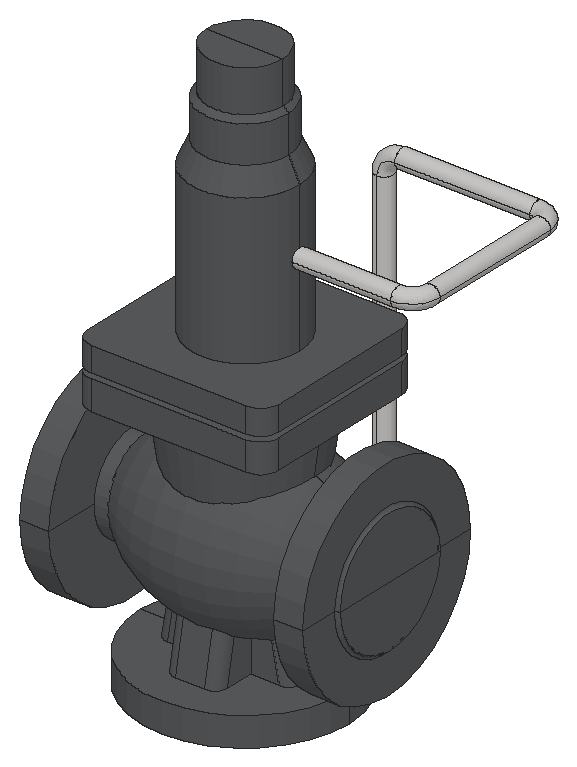
Revit family "VFG33_DN25-125_PN16_RFA_2", category Pipe Accessories, Revit 2019
Family settings
  Round Connector Dimension = Use Diameter
  Part Type = Valve - Breaks Into
  OmniClass Number = 23.75.65.14.14.17
  OmniClass Title = Flow Controls
  Work Plane-Based = No
  Always vertical = Yes
  Cut with Voids When Loaded = No
  Shared = No
Parameters (values of type "VFG33_DN25_PN16_065B2598")
  y2 = 60 mm
  y1 = 68.1 mm
  xtt200 = 75 mm
  xtb200 = 51 mm
  xt3 = 75 mm
  xt2 = 50 mm
  xt1 = 30 mm
  xs3 = xs2 / 2  # 52.5 mm
  xs2 = 105 mm
  xs1 = 105 mm
  xb2 = 85 mm
  xb1 = 65 mm
  r2 = 8 mm
  r1 = 12 mm
  r0 = 10 mm
  btx = 41.3 mm
  bh = 6.6 mm
  bbx = 49.2 mm
  a1 = L2 / 2  # 80 mm
  _tfr = 5 mm
  _tf4 = 11.5 mm
  _tf3 = 95.9 mm
  _tf2 = 94.4 mm
  _tf1 = 142.5 mm
  W [instance] = 158.4 mm
  URL = "https://store.danfoss.com/en/Climate-Solutions-for-heating/Motorised-Control-Valves-/Globe-Valves/Valves-for-District-Heating-and-District-Cooling/c/4104?q=%3Arelevance%3Adanfoss_producttypehierarchydesc%3A7368d77c411ee812a094239296e2d33941f6012b&text="
  Rz1 = 200 mm
  Ry2 = 20 mm
  Ry1 = 10 mm
  Rw2 = 33.068 mm
  Rw1 = 42.5 mm
  R42 [instance] = 6 mm
  R41 = 3.045 mm
  R4 = 20.955 mm
  R3 = 30 mm
  R2 = 27 mm
  R1P = 32 mm
  R1 = 80 mm
  L2 = L1 + (Flange_t1 + Flange_t2) * 2  # 160 mm
  L1 = 124 mm
  L [instance] = 160 mm
  H7 = 64 mm
  H6 = 141 mm
  H53 = 12.9 mm
  H52 = 20.4 mm
  H51 = 3.045 mm
  H5 = 118 mm
  H4 = 16 mm
  H3 = 13.5 mm
  H2 = 96.5 mm
  H1 = 62 mm
  H [instance] = 317.5 mm
  Flange_t2 = 2 mm
  Flange_t1 = 16 mm
  Flange_l2 = 36 mm
  Flange_l1 = 57.5 mm
  Description = "Motorized Control Valve"  # constant formula
  Weight = 10.50 kg
  Valve Body Material = Danfoss Ductile Iron
  Pressure Drop [instance] = 0.0 Pa
  Nominal Pressure = "PN 16"  # constant formula
  Model Type = "VFG33_DN25_PN16"
  Model = "065B2598"
  Min Medium Temperature = "2 °C"  # constant formula
  Max Medium Temperature = "150 °C"  # constant formula
  Max Differential Pressure = "16 bar"
  Manufacturer = "Danfoss"  # constant formula
  LOD 350 = not(LOD 200)  # yes
  LOD 200 = no
  Kvs = 8.0 m³/h
  IfcExportType = "VFG33"  # constant formula
  IfcExportAs = "IfcValveType"  # constant formula
  Flow [instance] = 0.0 m³/h
  DIStop = 38 mm
  D = 25 mm
  Connection = "Flange"  # constant formula
  ANtop = 30.00°
  65-125(350) [instance] = and([65-125], LOD 350)  # no
  65-125 = not([25-50])  # no
  25-80(350) [instance] = and([25-80], LOD 350)  # yes
  25-80(200) [instance] = and([25-80], LOD 200)  # no
  25-80 = yes
  25-50(350) [instance] = and([25-50], LOD 350)  # yes
  25-50 = yes
  100-125(350) [instance] = and([100-125], LOD 350)  # no
  100-125(200) [instance] = and([100-125], LOD 200)  # no
  100-125 = not([25-80])  # no
Types (8, lengths in mm): name | y2 | y1 | xtt200 | xtb200 | xt3 | xt2 | xt1 | xs3 | xs2 | xs1 | xb2 | xb1 | btx | bh | bbx | a1 | _tf4 | _tf3 | _tf2 | _tf1 | W | Rz1 | Rw2 | Rw1 | R42 | R3 | R2 | R1P | R1 | L2 | L1 | L | H7 | H6 | H53 | H52 | H5 | H4 | H3 | H2 | H1 | H | Flange_t2 | Flange_t1 | Flange_l2 | Flange_l1 | Weight | Model Type | Model | Max Differential Pressure | Kvs | DIStop | D | 65-125(350) | 65-125 | 25-80(350) | 25-80 | 25-50(350) | 25-50 | 100-125(350) | 100-125
  VFG33_DN25_PN16_065B2598 | 60 | 68.1 | 75 | 51 | 75 | 50 | 30 | 52.5 | 105 | 105 | 85 | 65 | 41.3 | 6.6 | 49.2 | 80 | 11.5 | 95.9 | 94.4 | 142.5 | 158.4 | 200 | 33.068 | 42.5 | 6 | 30 | 27 | 32 | 80 | 160 | 124 | 160 | 64 | 141 | 12.9 | 20.4 | 118 | 16 | 13.5 | 96.5 | 62 | 317.5 | 2 | 16 | 36 | 57.5 | 10.50 kg | "VFG33_DN25_PN16" | "065B2598" | "16 bar" | 8.0 m³/h | 38 | 25 | no | no | yes | yes | yes | yes | no | no
  VFG33_DN125_PN16_065B2605 | 111 | 85 | 170 | 222 | 75 | 50 | 30 | 53.5 | 107 | 150.584 | 64.215 | 78.215 | 97.1 | 16.5 | 116.8 | 200 | 77 | 149.9 | 146.3 | 222.5 | 289.9 | 125 | 66 | 101 | 53 | 77 | 86.3 | 156 | 284 | 400 | 340 | 400 | 150 | 186 | 14 | 7 | 163 | 25 | 24 | 202.5 | 170 | 588.5 | 3 | 27 | 97 | 135 | 93.00 kg | "VFG33_DN125_PN16" | "065B2605" | "15 bar" | 160.0 m³/h | 61 | 125 | yes | yes | no | no | no | no | yes | yes
  VFG33_DN100_PN16_065B2604 | 100 | 70 | 140 | 200 | 75 | 50 | 30 | 53.5 | 107 | 150.584 | 64.215 | 78.215 | 96.8 | 11.9 | 109 | 175 | 67 | 137.9 | 146.3 | 222.5 | 260.4 | 125 | 59.807 | 100 | 53 | 77 | 75.2 | 69 | 189 | 350 | 294 | 350 | 150 | 186 | 14 | 7 | 163 | 25 | 24 | 202.5 | 147 | 563.5 | 3 | 25 | 84 | 117.5 | 75.00 kg | "VFG33_DN100_PN16" | "065B2604" | "15 bar" | 125.0 m³/h | 53 | 100 | yes | yes | no | no | no | no | yes | yes
  VFG33_DN80_PN16_065B2603 | 75 | 60 | 120 | 150 | 75 | 50 | 30 | 75 | 150 | 150 | 149 | 30 | 41.334 | 6.611 | 49.213 | 155 | 67 | 122.9 | 102.5 | 164.2 | 227.9 | 200 | 15 | 75 | 31 | 55 | 61.7 | 105 | 200 | 310 | 258 | 310 | 102.5 | 131 | 14 | 12 | 108 | 27.7 | 19 | 152 | 129 | 438 | 3 | 23 | 72 | 100 | 41.00 kg | "VFG33_DN80_PN16" | "065B2603" | "16 bar" | 80.0 m³/h | 44.5 | 80 | yes | yes | yes | yes | no | no | no | no
  VFG33_DN65_PN16_065B2602 | 60 | 52.5 | 105 | 120 | 75 | 50 | 30 | 75 | 150 | 150 | 145 | 90 | 70.8 | 6.611 | 75 | 145 | 62 | 112.9 | 102.5 | 164.7 | 210.4 | 200 | 45 | 72.5 | 31 | 55 | 54 | 87 | 175 | 290 | 242 | 290 | 108 | 131 | 14 | 12 | 108 | 22 | 19 | 152.5 | 121 | 428.5 | 3 | 21 | 64 | 92.5 | 35.00 kg | "VFG33_DN65_PN16" | "065B2602" | "16 bar" | 50.0 m³/h | 38 | 65 | yes | yes | yes | yes | no | no | no | no
  VFG33_DN50_PN16_065B2601 | 52.5 | 60 | 115 | 82 | 115 | 82 | 48 | 60 | 120 | 120 | 100 | 70 | 48.5 | 8.3 | 58.4 | 115 | 11.5 | 120.4 | 101.9 | 155.6 | 207.9 | 200 | 35 | 50 | 14 | 38 | 42.6 | 85 | 147 | 230 | 186 | 230 | 77 | 125 | 12.936 | 20.411 | 102 | 18 | 17.5 | 113.5 | 93 | 353.5 | 3 | 19 | 54 | 82.5 | 21.00 kg | "VFG33_DN50_PN16" | "065B2601" | "16 bar" | 32.0 m³/h | 37.966 | 50 | no | no | yes | yes | yes | yes | no | no
  VFG33_DN40_PN16_065B2600 | 52.5 | 60 | 95 | 65 | 95 | 65 | 38 | 60 | 120 | 120 | 100 | 73 | 48.5 | 8.3 | 58.4 | 100 | 11.5 | 112.9 | 101.9 | 155.4 | 192.9 | 200 | 36.5 | 50 | 14 | 38 | 37.3 | 35 | 95 | 200 | 160 | 200 | 77 | 125 | 12.936 | 20.411 | 102 | 18 | 17.5 | 113.5 | 80 | 338.5 | 3 | 17 | 47 | 75 | 17.00 kg | "VFG33_DN40_PN16" | "065B2600" | "16 bar" | 20.0 m³/h | 37.966 | 40 | no | no | yes | yes | yes | yes | no | no
  VFG33_DN32_PN16_065B2599 | 52.5 | 60 | 80 | 55 | 80 | 55 | 33 | 53.4 | 106.8 | 106.8 | 86 | 55 | 41.334 | 6.611 | 49.213 | 90 | 11.5 | 107.4 | 93.4 | 142.5 | 182.4 | 200 | 27.5 | 43 | 6 | 30 | 33.4 | 35 | 90 | 180 | 140 | 180 | 64 | 141 | 12.936 | 20.411 | 118 | 16 | 13.5 | 96.5 | 70 | 327.5 | 2 | 18 | 41 | 70 | 12.00 kg | "VFG33_DN32_PN16" | "065B2599" | "16 bar" | 12.5 m³/h | 37.966 | 32 | no | no | yes | yes | yes | yes | no | no
Reference planes
  plane 1 "Center (Front/Back)": y = 0
  plane 2: z = 0
  plane 3 "Center (Left/Right)": x = 0
  plane 4 "Left": x = -62
  plane 5 "Right": x = 62
  plane 6 "tube_01": z = 142.5
  plane 7: x = -80
  plane 8: x = 80
  plane 9 "tube_05": z = -78
  plane 10 "tube_06": z = -62
  plane 11 "tube_07": z = 64
  plane 12 "tube_08": z = 96.5
  plane 13 "tube_09": z = 83
  plane 14 "tube_10": z = 80
  plane 15 "tube_101": z = -66.5
  plane 16 "tube_04": y = 95.9
  plane 17: x = 94.4
  plane 18 "tube_11": y = 100.9
  plane 19 "tube_12": y = -57.5
Forms (mm)
  Revolve 1, solid, material "Danfoss Ductile Iron" <- "Valve Body Material", detail levels fine
    sketch origin (0, 0, 0) x (1, 0, 0) y (0, 0, 1)
      loop
        line (-54.028, 27) -> (-62, 27) -> (-62, 0) -> (62, 0) -> (62, 27) -> (54.028, 27)
        arc (54.028, 27) -> (0, 48) -> (-54.028, 27) r 80
      axis (62, 0) -> (-62, 0)
    angle from 0 to 360
  Blend 2, solid, material "Danfoss Ductile Iron" <- "Valve Body Material", visible <- "25-50(350)", detail levels fine
    base sketch origin (0, 0, 0) x (1, 0, 0) y (0, 1, 0)
      loop
        arc (-9.5, 25) -> (-13.389, 23.389) -> (-15, 19.5) r 5.5
        line (-15, 19.5) -> (-15, 15) -> (-22, 15)
        arc (-22, 15) -> (-24.121, 14.121) -> (-25, 12) r 3
        line (-25, 12) -> (-25, -10.5)
        arc (-25, -10.5) -> (-23.682, -13.682) -> (-20.5, -15) r 4.5
        line (-20.5, -15) -> (-15, -15) -> (-15, -18)
        arc (-15, -18) -> (-12.95, -22.95) -> (-8, -25) r 7
        line (-8, -25) -> (8, -25)
        arc (8, -25) -> (12.95, -22.95) -> (15, -18) r 7
        line (15, -18) -> (15, -15) -> (19, -15)
        arc (19, -15) -> (23.243, -13.243) -> (25, -9) r 6
        line (25, -9) -> (25, 8)
        arc (25, 8) -> (22.95, 12.95) -> (18, 15) r 7
        line (18, 15) -> (15, 15) -> (15, 18)
        arc (15, 18) -> (12.95, 22.95) -> (8, 25) r 7
        line (8, 25) -> (-9.5, 25)
    top sketch origin (0, 0, 170) x (-1, 0, 0) y (0, -1, 0)
      loop
        line (15, -15) -> (30.5, -15)
        arc (30.5, -15) -> (35.45, -12.95) -> (37.5, -8) r 7
        line (37.5, -8) -> (37.5, 8)
        arc (37.5, 8) -> (35.45, 12.95) -> (30.5, 15) r 7
        line (30.5, 15) -> (15, 15) -> (15, 30.5)
        arc (15, 30.5) -> (12.95, 35.45) -> (8, 37.5) r 7
        line (8, 37.5) -> (-8, 37.5)
        arc (-8, 37.5) -> (-12.95, 35.45) -> (-15, 30.5) r 7
        line (-15, 30.5) -> (-15, 15) -> (-30.5, 15)
        arc (-30.5, 15) -> (-35.45, 12.95) -> (-37.5, 8) r 7
        line (-37.5, 8) -> (-37.5, -8)
        arc (-37.5, -8) -> (-35.45, -12.95) -> (-30.5, -15) r 7
        line (-30.5, -15) -> (-15, -15) -> (-15, -30.5)
        arc (-15, -30.5) -> (-12.95, -35.45) -> (-8, -37.5) r 7
        line (-8, -37.5) -> (8, -37.5)
        arc (8, -37.5) -> (12.95, -35.45) -> (15, -30.5) r 7
        line (15, -30.5) -> (15, -15)
    from 0 to -232
  Extrusion 3, solid, material "Danfoss Ductile Iron" <- "Valve Body Material", visible <- "25-80(350)", detail levels fine
    sketch origin (0, 0, -96.5) x (-1, 0, 0) y (0, -1, 0)
      loop
        arc (42.5, -52.5) -> (49.571, -49.571) -> (52.5, -42.5) r 10
        line (52.5, -42.5) -> (52.5, 42.5)
        arc (52.5, 42.5) -> (49.571, 49.571) -> (42.5, 52.5) r 10
        line (42.5, 52.5) -> (-42.5, 52.5)
        arc (-42.5, 52.5) -> (-49.571, 49.571) -> (-52.5, 42.5) r 10
        line (-52.5, 42.5) -> (-52.5, -42.5)
        arc (-52.5, -42.5) -> (-49.571, -49.571) -> (-42.5, -52.5) r 10
        line (-42.5, -52.5) -> (42.5, -52.5)
    from 179.5 to 193
  Extrusion 4, solid, material "Danfoss Ductile Iron" <- "Valve Body Material", visible <- "25-80(350)", detail levels fine
    sketch origin (0, 0, -80) x (-1, 0, 0) y (0, -1, 0)
      loop
        arc (42.5, -52.5) -> (49.571, -49.571) -> (52.5, -42.5) r 10
        line (52.5, -42.5) -> (52.5, 42.5)
        arc (52.5, 42.5) -> (49.571, 49.571) -> (42.5, 52.5) r 10
        line (42.5, 52.5) -> (-42.5, 52.5)
        arc (-42.5, 52.5) -> (-49.571, 49.571) -> (-52.5, 42.5) r 10
        line (-52.5, 42.5) -> (-52.5, -42.5)
        arc (-52.5, -42.5) -> (-49.571, -49.571) -> (-42.5, -52.5) r 10
        line (-42.5, -52.5) -> (42.5, -52.5)
    from 144 to 160
  Revolve 5, solid, material "Danfoss Ductile Iron" <- "Valve Body Material", visible <- "LOD 200", detail levels fine
    sketch origin (0, 0, 0) x (1, 0, 0) y (0, 0, 1)
      loop
        line (0, 214.5) -> (-30, 214.5) -> (-30, 64) -> (0, 64) -> (0, 214.5)
      axis (0, 64) -> (0, 214.5)
    angle from 0 to 360
  Revolve 6, solid, material "Danfoss Ductile Iron" <- "Valve Body Material", detail levels fine
    sketch origin (0, 0, 0) x (1, 0, 0) y (0, 0, 1)
      loop
        line (0, 96.5) -> (0, 237.5) -> (-20.955, 237.5) -> (-20.955, 96.5) -> (0, 96.5)
      axis (0, 237.5) -> (0, 96.5)
    angle from 0 to 360
  Extrusion 7, solid, material "Danfoss Ductile Iron" <- "Valve Body Material", visible <- "100-125(350)", detail levels fine
    sketch origin (0, 0, -96.5) x (-1, 0, 0) y (0, -1, 0)
      loop
        circle (0, 0) r 200
    from 179.5 to 193
  Extrusion 8, solid, material "Danfoss Ductile Iron" <- "Valve Body Material", visible <- "100-125(350)", detail levels fine
    sketch origin (0, 0, -174) x (-1, 0, 0) y (0, -1, 0)
      loop
        circle (0, 0) r 200
    from 238 to 254
  Revolve 9, solid, material "Danfoss Ductile Iron" <- "Valve Body Material", detail levels fine
    sketch origin (0, 0, 0) x (1, 0, 0) y (0, 0, 1)
      loop
        line (-33.068, 0) -> (0, 0) -> (0, 64) -> (-42.5, 64) -> (-33.068, 0)
      axis (0, 0) -> (0, 64)
    angle from 0 to 360
  Blend 10, solid, material "Danfoss Ductile Iron" <- "Valve Body Material", visible <- "LOD 200", detail levels fine
    base sketch origin (0, 0, -32.5) x (-1, 0, 0) y (0, -1, 0)
      loop
        circle (0, 0) r 25.5
    top sketch origin (0, 0, -32.5) x (-1, 0, 0) y (0, -1, 0)
      loop
        circle (0, 0) r 37.5
    from 32.5 to -29.5
  Extrusion 11, solid, material "Danfoss Ductile Iron" <- "Valve Body Material", visible <- "25-80(200)", detail levels fine
    sketch origin (0, 0, -96.5) x (-1, 0, 0) y (0, -1, 0)
      loop
        arc (42.5, -52.5) -> (49.571, -49.571) -> (52.5, -42.5) r 10
        line (52.5, -42.5) -> (52.5, 42.5)
        arc (52.5, 42.5) -> (49.571, 49.571) -> (42.5, 52.5) r 10
        line (42.5, 52.5) -> (-42.5, 52.5)
        arc (-42.5, 52.5) -> (-49.571, 49.571) -> (-52.5, 42.5) r 10
        line (-52.5, 42.5) -> (-52.5, -42.5)
        arc (-52.5, -42.5) -> (-49.571, -49.571) -> (-42.5, -52.5) r 10
        line (-42.5, -52.5) -> (42.5, -52.5)
    from 160.5 to 193
  Revolve 12, solid, material "Danfoss Ductile Iron" <- "Valve Body Material", visible <- "LOD 350", detail levels fine
    sketch origin (0, 0, 0) x (1, 0, 0) y (0, 0, 1)
      loop
        line (0, 64) -> (0, 57.4) -> (41.3, 57.4) -> (49.2, 64) -> (0, 64)
      axis (0, 64) -> (0, 57.4)
    angle from 0 to 360
  Extrusion 13, solid, material "Danfoss Ductile Iron" <- "Valve Body Material", visible <- "100-125(200)", detail levels fine
    sketch origin (0, 0, -96.5) x (-1, 0, 0) y (0, -1, 0)
      loop
        circle (0, 0) r 200
    from 160.5 to 193
  Revolve 14, solid, material "Danfoss Ductile Iron" <- "Valve Body Material", visible <- "65-125(350)", detail levels fine
    sketch origin (0, 0, 0) x (1, 0, 0) y (0, 0, -1)
      loop
        line (-60, 34.077) -> (-60, 0) -> (0, 0) -> (0, 62) -> (-68.1, 62) -> (-68.1, 20.047) -> (-60, 34.077)
      axis (0, 0) -> (0, 62)
    angle from 0 to 360
  Revolve 15, solid, material "Danfoss Ductile Iron" <- "Valve Body Material", visible <- "LOD 350", detail levels fine
    sketch origin (0, 0, 0) x (1, 0, 0) y (0, 0, -1)
      loop
        line (-20.955, -214.5) -> (0, -214.5) -> (0, -80) -> (-30, -80) -> (-30, -178.155) -> (-24, -191.055) -> (-24, -211.455) -> (-20.955, -214.5)
      axis (0, -80) -> (0, -214.5)
    angle from 0 to 360
  Sweep 16, solid, material "Danfoss Stainless Steel", visible <- "LOD 350", detail levels fine
    path in 3D
      loop
        line (0, 0, -66.5) -> (0, 85.9, -66.5)
        arc (0, 85.9, -66.5) -> (0, 92.971, -63.571) -> (0, 95.9, -56.5) r 10
        line (0, 95.9, -56.5) -> (0, 95.9, 132.5)
        arc (0, 95.9, 132.5) -> (2.929, 95.9, 139.571) -> (10, 95.9, 142.5) r 10
        line (10, 95.9, 142.5) -> (84.4, 95.9, 142.5)
        arc (84.4, 95.9, 142.5) -> (91.471, 92.971, 142.5) -> (94.4, 85.9, 142.5) r 10
        line (94.4, 85.9, 142.5) -> (94.4, 10, 142.5)
        arc (94.4, 10, 142.5) -> (91.471, 2.929, 142.5) -> (84.4, 0, 142.5) r 10
        line (84.4, 0, 142.5) -> (0, 0, 142.5)
    profile origin (0, 42.95, -66.5) x (0, 0, 1) y (1, 0, 0)
      loop
        circle (0, 0) r 5
Lines and regions (mm)
  reference lines
    curve 1: line (-80, 0, 0) -> (80, 0, 0)
    curve 2: line (0, 0, -62) -> (-92.5, 0, 98.215)
    curve 3: line (0, 0, 142.5) -> (84.4, 0, 142.5)
    curve 4: line (94.4, 10, 142.5) -> (94.4, 85.9, 142.5)
    curve 5: line (84.4, 95.9, 142.5) -> (10, 95.9, 142.5)
    curve 6: line (0, 95.9, 132.5) -> (0, 95.9, -56.5)
    curve 7: arc (94.4, 85.9, 142.5) -> (91.471, 92.971, 142.5) -> (84.4, 95.9, 142.5) r 10
    curve 8: arc (84.4, 0, 142.5) -> (91.471, 2.929, 142.5) -> (94.4, 10, 142.5) r 10
    curve 9: arc (10, 95.9, 142.5) -> (2.929, 95.9, 139.571) -> (0, 95.9, 132.5) r 10
    curve 10: line (0, 0, -66.5) -> (0, 85.9, -66.5)
    curve 11: arc (0, 85.9, -66.5) -> (0, 92.971, -63.571) -> (0, 95.9, -56.5) r 10
  sketch lines
    curve 12: line (0, 0, -66.5) -> (0, 85.9, -66.5)
    curve 13: arc (0, 85.9, -66.5) -> (0, 92.971, -63.571) -> (0, 95.9, -56.5) r 10
    curve 14: line (0, 95.9, 132.5) -> (0, 95.9, -56.5)
    curve 15: arc (10, 95.9, 142.5) -> (2.929, 95.9, 139.571) -> (0, 95.9, 132.5) r 10
    curve 16: line (84.4, 95.9, 142.5) -> (10, 95.9, 142.5)
    curve 17: line (94.4, 10, 142.5) -> (94.4, 85.9, 142.5)
    curve 18: arc (94.4, 85.9, 142.5) -> (91.471, 92.971, 142.5) -> (84.4, 95.9, 142.5) r 10
    curve 19: arc (84.4, 0, 142.5) -> (91.471, 2.929, 142.5) -> (94.4, 10, 142.5) r 10
    curve 20: line (0, 0, 142.5) -> (84.4, 0, 142.5)
Dimensions and locks
  equal spacing: plane 5 "Right", plane 3 "Center (Left/Right)", plane 4 "Left"
  "L1": plane 5 "Right" to plane 4 "Left"
  "R1P": curve 1 to Revolve 1 sketch curve
  "R2": Revolve 1 sketch curve to plane 2  (x2)
  equal spacing: Blend 2 sketch curve, plane 3 "Center (Left/Right)", Blend 2 sketch curve  (x4)
  "xt2": Blend 2 sketch curve to Blend 2 sketch curve  (x2)
  equal spacing: Blend 2 sketch curve, plane 1 "Center (Front/Back)", Blend 2 sketch curve  (x4)
  "xt1": Blend 2 sketch curve to Blend 2 sketch curve  (x4)
  "xt3": Blend 2 sketch curve to Blend 2 sketch curve  (x2)
  equal spacing: Extrusion 3 sketch curve, plane 3 "Center (Left/Right)", Extrusion 3 sketch curve
  "xs1": Extrusion 3 sketch curve to Extrusion 3 sketch curve  (x2)
  equal spacing: Extrusion 4 sketch curve, plane 3 "Center (Left/Right)", Extrusion 4 sketch curve
  equal spacing: Extrusion 4 sketch curve, plane 1 "Center (Front/Back)", Extrusion 4 sketch curve
  "xs2": Extrusion 4 sketch curve to Extrusion 4 sketch curve  (x2)
  "R3": plane 3 "Center (Left/Right)" to Revolve 5 sketch curve
  "R4": plane 3 "Center (Left/Right)" to Revolve 6 sketch curve
  plane 1 "Center (Front/Back)" to Extrusion 3 sketch curve = 52.5 mm
  "Rw2": plane 3 "Center (Left/Right)" to Revolve 9 sketch curve
  equal spacing: Extrusion 11 sketch curve, plane 3 "Center (Left/Right)", Extrusion 11 sketch curve
  "xs1": Extrusion 11 sketch curve to Extrusion 11 sketch curve  (x2)
  equal spacing: Extrusion 3, plane 1 "Center (Front/Back)", Extrusion 4
  "_tf1": plane 6 "tube_01" to plane 2
  equal spacing: plane 8, plane 3 "Center (Left/Right)", plane 7
  "L2": plane 8 to plane 7
  "Flange_t1": plane 10 "tube_06" to plane 9 "tube_05"
  "H1": plane 2 to plane 10 "tube_06"
  "y2": plane 3 "Center (Left/Right)" to Revolve 14 sketch curve
  "y1": plane 3 "Center (Left/Right)" to Revolve 14 sketch curve
  "DIStop": curve 2 to Revolve 14 sketch curve
  "H7": plane 11 "tube_07" to plane 2
  "H2": plane 12 "tube_08" to plane 2
  "H4": plane 14 "tube_10" to plane 11 "tube_07"
  "H3": plane 12 "tube_08" to plane 13 "tube_09"
  "Rw1": plane 3 "Center (Left/Right)" to Revolve 9 sketch curve
  "bh": plane 11 "tube_07" to Revolve 12 sketch curve
  "btx": Revolve 12 sketch curve to plane 3 "Center (Left/Right)"
  "bbx": Revolve 12 sketch curve to plane 3 "Center (Left/Right)"
  "H5": Revolve 5 sketch curve to plane 12 "tube_08"
  "H6": Revolve 6 sketch curve to plane 12 "tube_08"
  "R42": Revolve 15 sketch curve to Revolve 15 sketch curve
  "R41": Revolve 15 sketch curve to Revolve 15 sketch curve
  "H51": Revolve 15 sketch curve to Revolve 15 sketch curve
  "H52": Revolve 15 sketch curve to Revolve 15 sketch curve
  "H53": Revolve 15 sketch curve to Revolve 15 sketch curve
  "R3": plane 3 "Center (Left/Right)" to Revolve 15 sketch curve
  "H5": Revolve 15 sketch curve to plane 12 "tube_08"
  "R4": plane 3 "Center (Left/Right)" to Revolve 15 sketch curve
  "_tf4": plane 15 "tube_101" to plane 9 "tube_05"
  "_tf3": plane 1 "Center (Front/Back)" to plane 16 "tube_04"
  "_tf2": plane 3 "Center (Left/Right)" to plane 17
  "H": Revolve 6 to nested 4
  "L": plane 8 to plane 7
  "_tfr": plane 18 "tube_11" to plane 16 "tube_04"
  "Flange_l1": plane 1 "Center (Front/Back)" to plane 19 "tube_12"
  "W": plane 18 "tube_11" to plane 19 "tube_12"
  "R1": radius of Revolve 1 sketch curve
  "r0": radius of Extrusion 3 sketch curve  (x4)
  "Rz1": radius of Extrusion 7 sketch curve
  "Rz1": radius of Extrusion 8 sketch curve
  "xtb200": diameter of Blend 10 sketch curve
  "xtt200": diameter of Blend 10 sketch curve
  "r0": radius of Extrusion 11 sketch curve  (x4)
  "Rz1": radius of Extrusion 13 sketch curve
  "_tfr": radius of Sweep 16 sketch curve
  "ANtop": angle plane 3 "Center (Left/Right)" to curve 2
  aligned and locked: level to plane 2
  aligned and locked: curve 1 to plane 2
  aligned and locked: plane 1 "Center (Front/Back)" to curve 1
  aligned and locked: plane 2 to nested 1
  aligned and locked: nested 2 to plane 2
  aligned and locked: nested 1 to plane 1 "Center (Front/Back)"
  aligned and locked: nested 2 to plane 1 "Center (Front/Back)"
  aligned and locked: plane 2 to Revolve 1 sketch curve
  aligned and locked: Revolve 1 sketch curve to plane 2
  aligned and locked: Revolve 1 sketch curve to plane 5 "Right"
  aligned and locked: Revolve 1 sketch curve to plane 4 "Left"
  aligned and locked: Blend 2 sketch curve to Blend 2 sketch curve  (x8)
  aligned and locked: Blend 2 to plane 2
  aligned and locked: plane 3 "Center (Left/Right)" to Revolve 5 sketch curve  (x2)
  aligned and locked: plane 3 "Center (Left/Right)" to Revolve 6 sketch curve  (x2)
  aligned and locked: plane 3 "Center (Left/Right)" to Revolve 9 sketch curve
  aligned and locked: Revolve 9 sketch curve to plane 2
  aligned and locked: plane 1 "Center (Front/Back)" to nested 3
  aligned and locked: Blend 10 to plane 2
  aligned and locked: Revolve 12 sketch curve to plane 3 "Center (Left/Right)"  (x2)
  aligned and locked: plane 7 to curve 1
  aligned and locked: plane 8 to curve 1
  aligned and locked: nested 4 to plane 3 "Center (Left/Right)"
  aligned and locked: plane 1 "Center (Front/Back)" to nested 4
  aligned and locked: plane 3 "Center (Left/Right)" to curve 2
  aligned and locked: plane 10 "tube_06" to curve 2
  aligned and locked: plane 2 to Revolve 14 sketch curve
  aligned and locked: Revolve 14 sketch curve to plane 10 "tube_06"
  aligned and locked: Blend 10 to plane 10 "tube_06"
  aligned and locked: Revolve 9 sketch curve to plane 3 "Center (Left/Right)"
  aligned and locked: plane 11 "tube_07" to Revolve 9 sketch curve
  aligned and locked: plane 12 "tube_08" to Extrusion 11
  aligned and locked: Extrusion 11 to plane 11 "tube_07"
  aligned and locked: plane 14 "tube_10" to Extrusion 4
  aligned and locked: Extrusion 4 to plane 11 "tube_07"
  aligned and locked: Extrusion 3 to Extrusion 11
  aligned and locked: Extrusion 3 to plane 13 "tube_09"
  aligned and locked: Revolve 12 sketch curve to plane 11 "tube_07"
  aligned and locked: Extrusion 13 to Extrusion 3
  aligned and locked: Extrusion 13 to Extrusion 4
  aligned and locked: Extrusion 8 to Extrusion 4  (x2)
  aligned and locked: Extrusion 7 to Extrusion 3  (x2)
  aligned and locked: plane 11 "tube_07" to Revolve 5 sketch curve
  aligned and locked: plane 12 "tube_08" to Revolve 6 sketch curve
  aligned and locked: plane 3 "Center (Left/Right)" to Revolve 15 sketch curve
  aligned and locked: Revolve 15 sketch curve to plane 14 "tube_10"
  aligned and locked: Blend 2 to plane 10 "tube_06"
  aligned and locked: plane 3 "Center (Left/Right)" to curve 3
  aligned and locked: plane 1 "Center (Front/Back)" to curve 3
  aligned and locked: plane 17 to curve 4
  aligned and locked: curve 6 to plane 3 "Center (Left/Right)"
  aligned and locked: plane 15 "tube_101" to curve 10
  aligned and locked: plane 1 "Center (Front/Back)" to curve 10
Automatic sketch dimensions
  curve 7 to plane 16 "tube_04" = 0 mm
  curve 4 to curve 8 = 10 mm
  curve 4 to curve 7 = 10 mm
  curve 5 to plane 6 "tube_01" = 0 mm
  plane 3 "Center (Left/Right)" to curve 5 = 10 mm
  curve 5 to plane 17 = 10 mm
  plane 15 "tube_101" to curve 6 = 10 mm
  curve 10 to plane 16 "tube_04" = 10 mm
  Revolve 1 sketch curve to plane 3 "Center (Left/Right)" = 0 mm
  Revolve 1 sketch curve to plane 17 = 0.78 mm
  Revolve 1 sketch curve to plane 8 = 2.489 mm
  Blend 2 sketch curve to Blend 2 sketch curve = 3 mm
  Blend 2 sketch curve to Blend 2 sketch curve = 5.5 mm  (x2)
  Blend 2 sketch curve to plane 3 "Center (Left/Right)" = 8 mm  (x3)
  plane 3 "Center (Left/Right)" to Blend 2 sketch curve = 8 mm  (x3)
  Blend 2 sketch curve to Blend 2 sketch curve = 7 mm  (x6)
  Blend 2 sketch curve to Blend 2 sketch curve = 6 mm
  Extrusion 4 sketch curve to Extrusion 4 sketch curve = 10 mm  (x4)
  Revolve 5 sketch curve to level = 25.5 mm
  Revolve 5 sketch curve to Revolve 5 sketch curve = 8 mm
  plane 15 "tube_101" to Revolve 6 sketch curve = 1.473 mm
  plane 6 "tube_01" to Revolve 6 sketch curve = 2.673 mm
  plane 1 "Center (Front/Back)" to Extrusion 7 sketch curve = 0 mm
  Extrusion 7 sketch curve to plane 3 "Center (Left/Right)" = 0 mm
  plane 1 "Center (Front/Back)" to Extrusion 8 sketch curve = 0 mm
  Extrusion 8 sketch curve to plane 3 "Center (Left/Right)" = 0 mm
  Revolve 9 sketch curve to plane 12 "tube_08" = 5 mm
  plane 6 "tube_01" to Revolve 9 sketch curve = 18.5 mm
  plane 1 "Center (Front/Back)" to Blend 10 sketch curve = 0 mm  (x2)
  Blend 10 sketch curve to plane 3 "Center (Left/Right)" = 0 mm  (x2)
  Extrusion 11 sketch curve to plane 16 "tube_04" = 43.4 mm
  Revolve 12 sketch curve to level = 7.37 mm
  Revolve 12 sketch curve to Revolve 12 sketch curve = 5 mm
  plane 1 "Center (Front/Back)" to Extrusion 13 sketch curve = 0 mm
  Extrusion 13 sketch curve to plane 3 "Center (Left/Right)" = 0 mm
  Revolve 14 sketch curve to plane 3 "Center (Left/Right)" = 0 mm  (x2)
  plane 14 "tube_10" to Revolve 14 sketch curve = 1.3 mm
  Revolve 14 sketch curve to plane 13 "tube_09" = 4.7 mm
  Revolve 15 sketch curve to plane 3 "Center (Left/Right)" = 0 mm
  Revolve 15 sketch curve to plane 12 "tube_08" = 4.592 mm
  plane 12 "tube_08" to Revolve 15 sketch curve = 6.661 mm
  Sweep 16 sketch curve to profile plane = 0 mm  (x2)
  radius of curve 11 = 10 mm
Nested families
  nested 1: "Flange" at (-62, 0, 0) x (0, 1, 0) z (-1, 0, 0), l1 <- "Flange_l1", l2 <- "Flange_l2", t1 <- "Flange_t1", t2 <- "Flange_t2", Materials <- "Valve Body Material", type "Flange"
    with t2 2 mm, t1 16 mm, l2 36 mm, l1 57.5 mm, Materials Danfoss Ductile Iron
  nested 2: "Flange" at (62, 0, 0) x (0, 1, 0) z (1, 0, 0), l1 <- "Flange_l1", l2 <- "Flange_l2", t1 <- "Flange_t1", t2 <- "Flange_t2", Materials <- "Valve Body Material", type "Flange"
    with t2 2 mm, t1 16 mm, l2 36 mm, l1 57.5 mm, Materials Danfoss Ductile Iron
  nested 3: "Schematic" at (0, 0, 0), l <- "L2", a1 <- "a1", type "Schematic"
    with option 1 yes, l 160 mm, a1 80 mm, a 80 mm
  nested 4: "Flange" at (0, 0, -62) x (-1, 0, 0) z (0, 0, -1), l1 <- "Flange_l1", l2 <- "Flange_l2", t1 <- "Flange_t1", t2 <- "Flange_t2", type "Flange"
    with t2 2 mm, t1 16 mm, l2 36 mm, l1 57.5 mm, Materials Danfoss Ductile Iron
Connectors
  piping at (-80, 0, 0), diameter 25, driven by "Flow", driven by "D"
    settings: on curve 1, index 1, connector inside diameter 609.6 mm, connector length 0 mm, flow factor 0, pipe flow 0.0 m³/h, pressure drop 0.0 Pa, fitting loss kfactor 0, connector angle 0.00°, fixture units 0, engagement length 0 mm, angle of deflection 0.00°, flow configuration 0, flow direction 0, fitting loss method 0, system type 29, joint type 0, gender type 0, connector reference index 2, connector utility 0, adjustable connector no, is connector primary yes, connector description ""
  piping at (80, 0, 0), diameter 25, driven by "Flow", driven by "D"
    settings: on curve 1, index 2, connector inside diameter 609.6 mm, connector length 0 mm, flow factor 0, pipe flow 0.0 m³/h, pressure drop 0.0 Pa, fitting loss kfactor 0, connector angle 0.00°, fixture units 0, engagement length 0 mm, angle of deflection 0.00°, flow configuration 0, flow direction 0, fitting loss method 0, system type 29, joint type 0, gender type 0, connector reference index 1, connector utility 0, adjustable connector no, is connector primary no, connector description ""
  piping at (0, 0, -80), diameter 25, driven by "D", driven by "Flow"
    settings: on nested 4, index 3, connector inside diameter 609.6 mm, connector length 0 mm, flow factor 0, pipe flow 0.0 m³/h, pressure drop 0.0 Pa, fitting loss kfactor 0, connector angle 0.00°, fixture units 0, engagement length 0 mm, angle of deflection 0.00°, flow configuration 0, flow direction 0, fitting loss method 0, system type 29, joint type 0, gender type 0, connector reference index -1, connector utility 0, adjustable connector no, is connector primary no, connector description ""
Definition of nested family "Flange"
  Parameters (values of type "Flange")
    t2 [instance] = 40 mm
    t1 [instance] = 89.064 mm
    l2 [instance] = 226.779 mm
    l1 [instance] = 326.779 mm
    Materials [instance] = none
    Default Elevation = 1219.2 mm
  Reference planes
    plane 1 "Center (Front/Back)": y = 0
    plane 2: z = 0
    plane 3 "Center (Left/Right)": x = 0
    plane 4: z = 89.064
    plane 5: x = -326.779
    plane 6: z = 129.064
    plane 7: x = -226.779
  Forms (mm)
    Extrusion 1, solid
      sketch origin (0, 0, 0) x (1, 0, 0) y (0, 1, 0)
        loop
          line (-1219.2, 1219.2) -> (-1219.2, -1219.2) -> (1219.2, -1219.2) -> (1219.2, 1219.2) -> (-1219.2, 1219.2)
      from 0 to -304.8
    Revolve 2, solid, material <- "Materials", detail levels fine
      sketch origin (0, 0, 0) x (1, 0, 0) y (0, 0, 1)
        loop
          line (0, 0) -> (0, 129.064) -> (-186.779, 129.064)
          arc (-186.779, 129.064) -> (-198.495, 100.779) -> (-226.779, 89.064) r 40
          line (-226.779, 89.064) -> (-326.779, 89.064) -> (-326.779, 0) -> (0, 0)
        axis (0, 0) -> (0, 129.064)
      angle from 0 to 360
  Dimensions and locks
    "t2": plane 6 to plane 4
    "t1": plane 4 to level
    "l2": plane 3 "Center (Left/Right)" to plane 7
    "l1": plane 3 "Center (Left/Right)" to plane 5
    locked: plane 7 to Revolve 2 sketch curve at 0
    locked: plane 6 to Revolve 2 sketch curve at 0
    "t2": radius of Revolve 2 sketch curve
    aligned and locked: plane 2 to Extrusion 1
    aligned and locked: level to Extrusion 1
    aligned and locked: Extrusion 1 to Revolve 2 sketch curve
    aligned and locked: Revolve 2 sketch curve to plane 3 "Center (Left/Right)"
    aligned and locked: Revolve 2 sketch curve to plane 4
    aligned and locked: plane 5 to Revolve 2 sketch curve
    aligned and locked: plane 3 "Center (Left/Right)" to Revolve 2 sketch curve
    aligned and locked: plane 6 to Revolve 2 sketch curve
    aligned and locked: plane 7 to Revolve 2 sketch curve
  Automatic sketch dimensions
    Extrusion 1 sketch curve to Extrusion 1 sketch curve = 2438.4 mm  (x2)
    Revolve 2 sketch curve to Revolve 2 sketch curve = 240 mm
    Revolve 2 sketch curve to Revolve 2 sketch curve = 93.524 mm
Definition of nested family "Schematic"
  Parameters (values of type "Schematic")
    option 1 [instance] = yes
    l [instance] = 200 mm
    a1 [instance] = 100 mm
    a [instance] = l / 2  # 100 mm
  Reference planes
    plane 1 "Center (Front/Back)": y = 0
    plane 2: z = 0
    plane 3 "Center (Left/Right)": x = 0
    plane 4: x = -1300
    plane 5: x = 1300
    plane 6: y = 700
    plane 7: y = -700
  Dimensions and locks
    equal spacing: plane 4, plane 3 "Center (Left/Right)", plane 5
    plane 4 to plane 5 = 2600 mm
    equal spacing: plane 6, plane 1 "Center (Front/Back)", plane 7
    plane 6 to plane 7 = 1400 mm
    aligned and locked: level to plane 2
    aligned and locked: plane 1 "Center (Front/Back)" to nested 1
    aligned and locked: plane 3 "Center (Left/Right)" to nested 1
    aligned and locked: nested 5 to level
    aligned and locked: plane 1 "Center (Front/Back)" to nested 5
  Nested families
    nested 1: "Schematic_1" at (0, 0, 0), a <- "a", type "Schematic_1"
      with b 80 mm, a 100 mm
    nested 2: "Schematic_2" at (0, 0, 0) x (0, 1, 0) z (0, 0, 1), b <- "a", type "Schematic_2"
      with plan on/off yes, elevation on/off no, b 100 mm, a 10 mm
    nested 3: "Schematic_2" at (0, 0, 0) x (0, -1, 0) z (0, 0, 1), b <- "a", type "Schematic_2"
      with plan on/off yes, elevation on/off no, b 100 mm, a 10 mm
    nested 4: "Schematic_2" at (0, 0, 0) x (-1, 0, 0) z (0, 0, -1), b <- "a", elevation on/off <- "option 1", type "Schematic_2"
      with plan on/off no, elevation on/off yes, b 100 mm, a 10 mm
    nested 5: "Schematic_2" at (0, 0, 0) x (0, 0, -1) z (1, 0, 0), b <- "a", type "Schematic_2"
      with plan on/off no, elevation on/off yes, b 100 mm, a 10 mm
    nested 6: "Schematic_2" at (0, 0, 0) x (0, 0, 1) z (-1, 0, 0), b <- "a", type "Schematic_2"
      with plan on/off no, elevation on/off yes, b 100 mm, a 10 mm
    nested 7: "Schematic_2" at (0, 0, 0) x (-1, 0, 0) z (0, 0, 1), b <- "a1", plan on/off <- "option 1", type "Schematic_2"
      with plan on/off yes, elevation on/off no, b 100 mm, a 10 mm
  Definition of nested family "Schematic_1"
    Parameters (values of type "Schematic_1")
      b [instance] = a * 0.8  # 80 mm
      a [instance] = 100 mm
    Reference planes
      plane 1 "Center (Front/Back)": y = 0
      plane 2: z = 0
      plane 3 "Center (Left/Right)": x = 0
      plane 4: y = 80
      plane 5: x = -50
      plane 6: x = 50
      plane 7: y = 180
      plane 8: z = 80
      plane 9: z = 180
    Lines and regions (mm)
      symbolic lines, detail levels coarse+medium
        curve 1: line (-50, 80, 0) -> (50, 80, 0)
        curve 2: line (-50, 180, 0) -> (-50, 80, 0)
        curve 3: line (50, 180, 0) -> (-50, 180, 0)
        curve 4: line (50, 80, 0) -> (50, 180, 0)
        curve 5: line (0, 80, 0) -> (0, 0, 0)
      model lines, detail levels coarse+medium
        curve 6: line (0, 0, 0) -> (0, 0, 80)
        curve 7: line (-50, 0, 180) -> (50, 0, 180)
        curve 8: line (-50, 0, 80) -> (-50, 0, 180)
        curve 9: line (50, 0, 80) -> (-50, 0, 80)
        curve 10: line (50, 0, 180) -> (50, 0, 80)
    Dimensions and locks
      equal spacing: plane 5, plane 3 "Center (Left/Right)", plane 6
      "b": plane 4 to plane 1 "Center (Front/Back)"
      "a": plane 5 to plane 6
      "a": plane 7 to plane 4
      "b": plane 8 to level
      "a": plane 9 to plane 8
      aligned and locked: level to plane 2
      aligned and locked: curve 7 to plane 9
      aligned and locked: plane 5 to curve 8
      aligned and locked: plane 8 to curve 9
      aligned and locked: curve 10 to plane 6
      aligned and locked: plane 3 "Center (Left/Right)" to curve 6
      aligned and locked: plane 8 to curve 6
      aligned and locked: level to curve 6
    Automatic sketch dimensions
      curve 5 to plane 3 "Center (Left/Right)" = 0 mm
      plane 1 "Center (Front/Back)" to curve 5 = 0 mm
      curve 1 to plane 4 = 0 mm
      curve 1 to plane 5 = 0 mm
      curve 4 to plane 6 = 0 mm
      curve 5 to plane 4 = 0 mm
      curve 4 to plane 7 = 0 mm
  Definition of nested family "Schematic_2"
    Parameters (values of type "Schematic_2")
      plan on/off [instance] = yes
      elevation on/off [instance] = yes
      b [instance] = 80 mm
      a [instance] = b / 10  # 8 mm
      Default Elevation = 1219.2 mm
    Reference planes
      plane 1 "Center (Front/Back)": y = 0
      plane 2: z = 0
      plane 3 "Center (Left/Right)": x = 0
      plane 4: y = 72
      plane 5: x = -40
      plane 6: x = 40
      plane 7: y = 80
      plane 8: z = 72
      plane 9: z = 80
    Lines and regions (mm)
      symbolic lines, visible <- "plan on/off", detail levels coarse+medium
        curve 1: line (-40, 80, 0) -> (40, 80, 0)
        curve 2: line (-40, 72, 0) -> (40, 72, 0)
        curve 3: line (40, 72, 0) -> (0, 0, 0)
        curve 4: line (0, 0, 0) -> (-40, 72, 0)
      model lines, visible <- "elevation on/off", detail levels coarse+medium
        curve 5: line (-40, 0, 80) -> (40, 0, 80)
        curve 6: line (-40, 0, 72) -> (40, 0, 72)
        curve 7: line (40, 0, 72) -> (0, 0, 0)
        curve 8: line (0, 0, 0) -> (-40, 0, 72)
    Dimensions and locks
      equal spacing: plane 5, plane 3 "Center (Left/Right)", plane 6
      "b": plane 7 to plane 1 "Center (Front/Back)"
      "b": plane 5 to plane 6
      "a": plane 7 to plane 4
      "b": plane 9 to level
      "a": plane 9 to plane 8
      aligned and locked: level to plane 2
      aligned and locked: plane 5 to curve 1
      aligned and locked: plane 6 to curve 1
      aligned and locked: curve 1 to plane 7
      aligned and locked: curve 5 to plane 9
      aligned and locked: plane 5 to curve 5
      aligned and locked: plane 6 to curve 5
    Automatic sketch dimensions
      curve 4 to plane 5 = 0 mm
      curve 2 to plane 4 = 0 mm
      plane 1 "Center (Front/Back)" to curve 3 = 0 mm
      curve 3 to plane 3 "Center (Left/Right)" = 0 mm
      curve 3 to plane 6 = 0 mm
      curve 8 to plane 5 = 0 mm
      curve 8 to level = 0 mm
      curve 8 to plane 3 "Center (Left/Right)" = 0 mm
      curve 7 to plane 6 = 0 mm
      curve 8 to plane 8 = 0 mm
